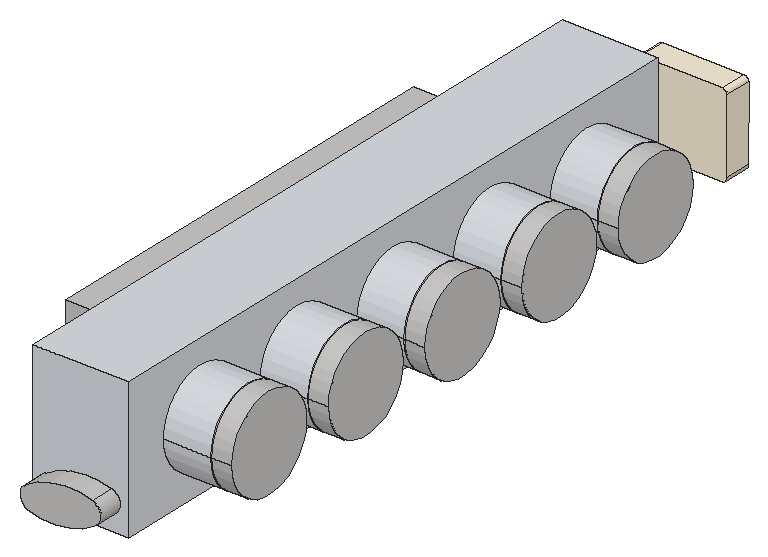
Revit family "HVAC_Ductwork_Airzone_Motorized-Plenum_Kaysun_Standard_5-Dampers", category Mechanical Equipment, Revit 2016
Family settings
  Part Type = Normal
  Round Connector Dimension = Use Diameter
  OmniClass Number = 23.75.70.14
  OmniClass Title = Air Ductwork
  Work Plane-Based = No
  Always vertical = Yes
  Cut with Voids When Loaded = No
  Shared = No
  Room Calculation Point = No
Parameters (values of type "KAYST01L5")
  Voltage = 230 V
  URL = "www.airzone.es"
  Type Image Comments = "Image available in product documentation download"  # constant formula
  Revit Model Version = "1.0"  # constant formula
  Revit Model Author URL = "www.a3d.es"
  Revit Model Author = "A3D Consulting"  # constant formula
  Product Documentation Download URL = "http://doc.airzone.es/BIM/Easyzone/Kaysun-Airzone_motorized_plenum.zip"
  Product Comments = "Refer to technical documentation for further details"  # constant formula
  Power Factor = 1
  Neck Width = 936.600 mm
  Neck Length = 95.000 mm
  Neck Height = 182.600 mm
  Material = Metal - AIRZONE - Galvanized Sheet - Semi-polished
  Main Control Board Material = Plastic - AIRZONE - Smooth - Off-white
  Load Classification = Other
  Insulated Body Width = 205.000 mm  # constant formula
  Insulated Body Material = Metal -AIRZONE - Insulating Lining -Aluminum Finish
  Insulated Body Length = 1425.000 mm  # constant formula
  Insulated Body Height = 300.000 mm  # constant formula
  Flow [instance] = Damper 5 Air Flow + Damper 4 Air Flow + Damper 3 Air Flow + Damper 2 Air Flow + Damper 1 Air Flow - Fresh Air Inlet 2 Flow - Fresh Air Inlet 1 Flow  # 1500 m³/h
  Fresh Air Inlet 1 Flow [instance] = 0 m³/h
  Fresh Air Inlet 2 Flow [instance] = 0 m³/h
  Fresh Air Inlet Connection Width = 175.000 mm
  Fresh Air Inlet Connection Height = 75.000 mm
  Model = "KAYST01L5"
  Neck Side Offset = 282.700 mm
  Neck Bottom Offset = 79.200 mm
  Type Image = <None>
  Manufacturer = "AIRZONE"  # constant formula
  Main Control Board Depth = 57.000 mm  # constant formula
  Main Control Board Width = 195.000 mm  # constant formula
  Main Control Board Height = 180.000 mm  # constant formula
  Fixing = ""
  Disclaimer = "All information provided in this model is reviewed before being published. However, Airzone cannot guarantee this model is error-free, therefore users are strongly encouraged to check for technical documentation and updates"  # constant formula
  Description = "Airzone standard motorized plenum with neck that mechanically adapts to the main ducted AC units of Kaysun."
  Type Comments = ""
  Dampers Length = 149.000 mm  # constant formula
  Dampers Diameter = 200.000 mm  # constant formula
  Damper 5 Air Flow [instance] = 300 m³/h
  Damper 4 Air Flow [instance] = 300 m³/h
  Damper 1 Air Flow [instance] = 300 m³/h
  Damper 2 Air Flow [instance] = 300 m³/h
  Damper 3 Air Flow [instance] = 300 m³/h
  Fresh Air Inlet Connection Offset Height = 48.305 mm  # constant formula
  Compatible Accesories = ""
  Apparent Load = 57.5 VA
Types (2, lengths in mm): name | Neck Width | Model | Neck Side Offset
  KAYST01L5 | 936.600 | "KAYST01L5" | 282.700
  KAYST01M5 | 716.600 | "KAYST01M5" | 392.700
Reference planes
  plane 1 "Center (Front/Back)": y = 0
  plane 2 "Center (Elevation)": z = 0
  plane 3 "Center (Left/Right)": x = 0
  plane 4 "Neck Back": y = 468.3
  plane 5 "Neck Front": y = -468.3
  plane 6 "Neck Top": z = 91.3
  plane 7 "Neck Bottom": z = -91.3
  plane 8 "Left": x = 95
  plane 9 "Bottom": z = -170.5
  plane 10 "Top": z = 129.5
  plane 11 "Front": y = -674
  plane 12 "Back": y = 751
  plane 13 "Right": x = 300
  plane 14 "Dampers Front": x = 449
  plane 15 "Dampers Center (Elevation)": z = -20.5
  plane 16 "Damper3": y = 38.5
  plane 17 "Damper2": y = 298.5
  plane 18 "Damper1": y = 558.5
  plane 19 "Middle": y = 38.5
  plane 20 "FreshAir Center (Elevation)": z = -122.195
  plane 21 "FreshAir1": y = 803.5
  plane 22 "FreshAir2": y = -726.5
  plane 23 "Dampers Lining": x = 404
  plane 24 "FreshAir Vertical Axis": x = 195.83
  plane 25 "ConnectionBox Side": x = 254
  plane 26 "Main Control Board Center (Left/Right)": x = 351.5
  plane 27 "Damper4": y = -221.5
  plane 28 "Damper5": y = -481.5
Forms (mm)
  Extrusion 1, solid, material "Metal - AIRZONE - Galvanized Sheet - Semi-polished" <- "Material"
    sketch origin (0, 0, 0) x (0, 1, 0) y (0, 0, 1)
      loop
        line (-468.3, 91.3) -> (-468.3, -91.3) -> (468.3, -91.3) -> (468.3, 91.3) -> (-468.3, 91.3)
    from 0 to 95
  Extrusion 2, solid, material "Metal -AIRZONE - Insulating Lining -Aluminum Finish" <- "Insulated Body Material"
    sketch origin (95, 0, 0) x (0, 1, 0) y (0, 0, 1)
      loop
        line (-674, 129.5) -> (-674, -170.5) -> (751, -170.5) -> (751, 129.5) -> (-674, 129.5)
    from 0 to 205
  Extrusion 3, solid, material "Metal - AIRZONE - Galvanized Sheet - Semi-polished" <- "Material"
    sketch origin (300, 0, 0) x (0, 1, 0) y (0, 0, 1)
      loop
        circle (38.5, -20.5) r 100
    from 104 to 149
  Extrusion 4, solid, material "Metal - AIRZONE - Galvanized Sheet - Semi-polished" <- "Material"
    sketch origin (300, 0, 0) x (0, 1, 0) y (0, 0, 1)
      loop
        circle (298.5, -20.5) r 100
    from 104 to 149
  Extrusion 5, solid, material "Metal - AIRZONE - Galvanized Sheet - Semi-polished" <- "Material"
    sketch origin (300, 0, 0) x (0, 1, 0) y (0, 0, 1)
      loop
        circle (558.5, -20.5) r 100
    from 104 to 149
  Extrusion 6, solid, material "Metal - AIRZONE - Galvanized Sheet - Semi-polished" <- "Material"
    sketch origin (0, -674, 0) x (0, 0, 1) y (1, 0, 0)
      loop
        arc (-89.641, 265.204) -> (-111.108, 282.105) -> (-135.812, 270.434) r 25.96
        arc (-135.812, 270.434) -> (-161.802, 200.598) -> (-154.349, 126.456) r 164.67
        arc (-154.349, 126.456) -> (-133.165, 109.589) -> (-108.494, 120.751) r 25.96
        arc (-108.494, 120.751) -> (-82.225, 190.78) -> (-89.641, 265.204) r 164.67
    from 0 to -52.5
  Extrusion 7, solid, material "Metal - AIRZONE - Galvanized Sheet - Semi-polished" <- "Material"
    sketch origin (0, 751, 0) x (0, 0, 1) y (1, 0, 0)
      loop
        arc (-89.641, 265.204) -> (-110.825, 282.071) -> (-135.496, 270.909) r 25.96
        arc (-135.496, 270.909) -> (-161.679, 201.53) -> (-154.767, 127.699) r 164.67
        arc (-154.767, 127.699) -> (-133.532, 109.637) -> (-108.178, 121.226) r 25.96
        arc (-108.178, 121.226) -> (-82.188, 191.062) -> (-89.641, 265.204) r 164.67
    from 0 to 52.5
  Extrusion 8, solid, material "Metal -AIRZONE - Insulating Lining -Aluminum Finish" <- "Insulated Body Material"
    sketch origin (300, 0, 0) x (0, 1, 0) y (0, 0, 1)
      loop
        circle (558.5, -20.5) r 100
    from 0 to 104
  Extrusion 9, solid, material "Metal -AIRZONE - Insulating Lining -Aluminum Finish" <- "Insulated Body Material"
    sketch origin (300, -260, 0) x (0, 1, 0) y (0, 0, 1)
      loop
        circle (558.5, -20.5) r 100
    from 0 to 104
  Extrusion 10, solid, material "Metal -AIRZONE - Insulating Lining -Aluminum Finish" <- "Insulated Body Material"
    sketch origin (300, -520, 0) x (0, 1, 0) y (0, 0, 1)
      loop
        circle (558.5, -20.5) r 100
    from 0 to 104
  Extrusion 11, solid, material "Metal - AIRZONE - Galvanized Sheet - Semi-polished" <- "Material"
    sketch origin (300, -190, 0) x (0, 1, 0) y (0, 0, 1)
      loop
        circle (-31.5, -20.5) r 100
    from 104 to 149
  Extrusion 12, solid, material "Metal -AIRZONE - Insulating Lining -Aluminum Finish" <- "Insulated Body Material"
    sketch origin (300, -710, 0) x (0, 1, 0) y (0, 0, 1)
      loop
        circle (488.5, -20.5) r 100
    from 0 to 104
  Extrusion 13, solid, material "Metal -AIRZONE - Insulating Lining -Aluminum Finish" <- "Insulated Body Material"
    sketch origin (300, -970, 0) x (0, 1, 0) y (0, 0, 1)
      loop
        circle (488.5, -20.5) r 100
    from 0 to 104
  Extrusion 14, solid, material "Metal - AIRZONE - Galvanized Sheet - Semi-polished" <- "Material"
    sketch origin (300, -450, 0) x (0, 1, 0) y (0, 0, 1)
      loop
        circle (-31.5, -20.5) r 100
    from 104 to 149
Lines and regions (mm)
  Masking region 1
    outline origin (0, 0, 0) x (1, 0, 0) y (0, 1, 0)
      loop
        line (95, 751) -> (95, -674) -> (300, -674) -> (300, 751) -> (95, 751)
  Masking region 2, detail levels medium+fine
    outline origin (0, 0, 0) x (1, 0, 0) y (0, 1, 0)
      loop
        line (0, 468.3) -> (0, -468.3) -> (95, -468.3) -> (95, 468.3) -> (0, 468.3)
  Masking region 3, detail levels medium+fine
    outline origin (0, 0, 0) x (1, 0, 0) y (0, 1, 0)
      loop
        line (300, 138.5) -> (300, -61.5) -> (449, -61.5) -> (449, 138.5) -> (300, 138.5)
  Masking region 4, detail levels medium+fine
    outline origin (0, 260, 0) x (1, 0, 0) y (0, 1, 0)
      loop
        line (300, 138.5) -> (300, -61.5) -> (449, -61.5) -> (449, 138.5) -> (300, 138.5)
  Masking region 5, detail levels medium+fine
    outline origin (0, 520, 0) x (1, 0, 0) y (0, 1, 0)
      loop
        line (300, 138.5) -> (300, -61.5) -> (449, -61.5) -> (449, 138.5) -> (300, 138.5)
  Masking region 6, detail levels medium+fine
    outline origin (0, 0, -122.195) x (1, 0, 0) y (0, 1, 0)
      loop
        line (108.33, 803.5) -> (108.33, 751) -> (283.33, 751) -> (283.33, 803.5) -> (108.33, 803.5)
  Masking region 7, detail levels medium+fine
    outline origin (0, 0, -122.195) x (1, 0, 0) y (0, 1, 0)
      loop
        line (108.33, -674) -> (108.33, -726.5) -> (283.33, -726.5) -> (283.33, -674) -> (108.33, -674)
  Masking region 8, detail levels medium+fine
    outline origin (0, 0, 129.5) x (0, -1, 0) y (1, 0, 0)
      loop
        line (-808, 254) -> (-751, 254) -> (-751, 449) -> (-808, 449) -> (-808, 254)
  Masking region 9, detail levels medium+fine
    outline origin (0, -190, 0) x (1, 0, 0) y (0, 1, 0)
      loop
        line (300, 68.5) -> (300, -131.5) -> (449, -131.5) -> (449, 68.5) -> (300, 68.5)
  Masking region 10, detail levels medium+fine
    outline origin (0, -450, 0) x (1, 0, 0) y (0, 1, 0)
      loop
        line (300, 68.5) -> (300, -131.5) -> (449, -131.5) -> (449, 68.5) -> (300, 68.5)
  symbolic lines, detail levels coarse
    curve 1: line (95, -674, 0) -> (300, 38.5, 0)
    curve 2: line (300, 38.5, 0) -> (95, 751, 0)
Dimensions and locks
  equal spacing: plane 4 "Neck Back", plane 1 "Center (Front/Back)", plane 5 "Neck Front"
  "Neck Width": plane 4 "Neck Back" to plane 5 "Neck Front"
  equal spacing: plane 6 "Neck Top", level, plane 7 "Neck Bottom"
  "Neck Height": plane 6 "Neck Top" to plane 7 "Neck Bottom"
  "Neck Length": plane 3 "Center (Left/Right)" to plane 8 "Left"
  "Neck Bottom Offset": plane 7 "Neck Bottom" to plane 9 "Bottom"
  "Insulated Body Height": plane 10 "Top" to plane 9 "Bottom"
  "Insulated Body Length": plane 12 "Back" to plane 11 "Front"
  "Insulated Body Width": plane 8 "Left" to plane 13 "Right"
  "Dampers Length": plane 13 "Right" to plane 14 "Dampers Front"
  equal spacing: plane 10 "Top", plane 15 "Dampers Center (Elevation)", plane 9 "Bottom"
  equal spacing: plane 12 "Back", plane 19 "Middle", plane 11 "Front"
  plane 8 "Left" to plane 13 "Right" = 205.000 mm
  "Fresh Air Inlet Connection Offset Height": plane 20 "FreshAir Center (Elevation)" to plane 9 "Bottom"
  locked: Extrusion 6 sketch curve to plane 9 "Bottom" at 56.47
  locked: plane 13 "Right" to Extrusion 6 sketch curve at 43.69
  locked: plane 13 "Right" to Extrusion 6 sketch curve at 164.65
  locked: Extrusion 6 sketch curve to plane 9 "Bottom" at 40.54
  locked: plane 13 "Right" to Extrusion 6 sketch curve at 87.91
  locked: plane 9 "Bottom" to Extrusion 6 sketch curve at 75.01
  locked: plane 13 "Right" to Extrusion 6 sketch curve at 120.43
  locked: Extrusion 6 sketch curve to plane 9 "Bottom" at 172.02
  locked: plane 13 "Right" to Extrusion 7 sketch curve at 43.69
  locked: Extrusion 7 sketch curve to plane 9 "Bottom" at 56.47
  locked: Extrusion 7 sketch curve to plane 9 "Bottom" at 40.54
  locked: plane 13 "Right" to Extrusion 7 sketch curve at 164.65
  locked: plane 13 "Right" to Extrusion 7 sketch curve at 120.43
  locked: Extrusion 7 sketch curve to plane 9 "Bottom" at 172.02
  locked: plane 9 "Bottom" to Extrusion 7 sketch curve at 75.01
  locked: plane 13 "Right" to Extrusion 7 sketch curve at 87.91
  "Neck Side Offset": plane 12 "Back" to plane 4 "Neck Back"
  locked: plane 21 "FreshAir1" to plane 12 "Back" at 52.5
  plane 11 "Front" to plane 22 "FreshAir2" = 52.500 mm
  locked: connector elem to plane 13 "Right" at 104.17
  locked: plane 20 "FreshAir Center (Elevation)" to connector elem
  locked: plane 13 "Right" to connector elem at 104.17
  locked: connector elem to plane 20 "FreshAir Center (Elevation)"
  locked: plane 23 "Dampers Lining" to plane 14 "Dampers Front" at 45
  locked: plane 24 "FreshAir Vertical Axis" to plane 13 "Right" at 104.17
  equal spacing: Masking region 3 sketch curve, plane 16 "Damper3", Masking region 3 sketch curve
  "Dampers Diameter": Masking region 3 sketch curve to Masking region 3 sketch curve
  "Dampers Diameter": Masking region 4 sketch curve to Masking region 4 sketch curve
  equal spacing: Masking region 5 sketch curve, plane 18 "Damper1", Masking region 5 sketch curve
  "Dampers Diameter": Masking region 5 sketch curve to Masking region 5 sketch curve
  equal spacing: Masking region 6 sketch curve, plane 24 "FreshAir Vertical Axis", Masking region 6 sketch curve
  "Fresh Air Inlet Connection Width": Masking region 6 sketch curve to Masking region 6 sketch curve
  equal spacing: Masking region 7 sketch curve, plane 24 "FreshAir Vertical Axis", Masking region 7 sketch curve
  "Fresh Air Inlet Connection Width": Masking region 7 sketch curve to Masking region 7 sketch curve
  "Main Control Board Depth": Masking region 8 sketch curve to plane 12 "Back"
  "Main Control Board Width": plane 25 "ConnectionBox Side" to plane 14 "Dampers Front"
  equal spacing: plane 25 "ConnectionBox Side", plane 26 "Main Control Board Center (Left/Right)", plane 14 "Dampers Front"
  locked: nested 1 to plane 10 "Top" at 10
  equal spacing: Masking region 4 sketch curve, plane 17 "Damper2", Masking region 4 sketch curve
  equal spacing: Masking region 9 sketch curve, plane 27 "Damper4", Masking region 9 sketch curve
  "Dampers Diameter": Masking region 9 sketch curve to Masking region 9 sketch curve
  plane 18 "Damper1" to plane 17 "Damper2" to plane 16 "Damper3" to plane 27 "Damper4" to plane 28 "Damper5" = 260.000 mm locked, 260.000 mm locked, 260.000 mm locked, 260.000 mm locked
  locked: plane 19 "Middle" to plane 16 "Damper3"
  equal spacing: Masking region 10 sketch curve, plane 28 "Damper5", Masking region 10 sketch curve
  "Dampers Diameter": Masking region 10 sketch curve to Masking region 10 sketch curve
  "Dampers Diameter": diameter of Extrusion 3 sketch curve
  "Dampers Diameter": diameter of Extrusion 4 sketch curve
  "Dampers Diameter": diameter of Extrusion 5 sketch curve
  radius of Extrusion 7 sketch curve = 164.670 mm  (x2)
  radius of Extrusion 7 sketch curve = 25.960 mm  (x2)
  radius of Extrusion 6 sketch curve = 164.670 mm  (x2)
  radius of Extrusion 6 sketch curve = 25.960 mm  (x2)
  "Dampers Diameter": diameter of Extrusion 8 sketch curve
  "Dampers Diameter": diameter of Extrusion 9 sketch curve
  "Dampers Diameter": diameter of Extrusion 10 sketch curve
  "Dampers Diameter": diameter of Extrusion 11 sketch curve
  "Dampers Diameter": diameter of Extrusion 12 sketch curve
  "Dampers Diameter": diameter of Extrusion 13 sketch curve
  "Dampers Diameter": diameter of Extrusion 14 sketch curve
  aligned and locked: level to plane 2 "Center (Elevation)"
  aligned and locked: plane 5 "Neck Front" to Extrusion 1 sketch curve
  aligned and locked: Extrusion 1 sketch curve to plane 6 "Neck Top"
  aligned and locked: Extrusion 1 sketch curve to plane 4 "Neck Back"
  aligned and locked: plane 7 "Neck Bottom" to Extrusion 1 sketch curve
  aligned and locked: Extrusion 1 to plane 3 "Center (Left/Right)"
  aligned and locked: Extrusion 2 sketch curve to plane 10 "Top"
  aligned and locked: Extrusion 2 sketch curve to plane 12 "Back"
  aligned and locked: plane 9 "Bottom" to Extrusion 2 sketch curve
  aligned and locked: plane 11 "Front" to Extrusion 2 sketch curve
  aligned and locked: plane 13 "Right" to Extrusion 2
  aligned and locked: Extrusion 2 to plane 8 "Left"
  aligned and locked: plane 16 "Damper3" to Extrusion 3 sketch curve
  aligned and locked: plane 15 "Dampers Center (Elevation)" to Extrusion 3 sketch curve
  aligned and locked: plane 15 "Dampers Center (Elevation)" to Extrusion 4 sketch curve
  aligned and locked: plane 18 "Damper1" to Extrusion 5 sketch curve
  aligned and locked: plane 15 "Dampers Center (Elevation)" to Extrusion 5 sketch curve
  aligned and locked: plane 14 "Dampers Front" to Extrusion 5
  aligned and locked: plane 14 "Dampers Front" to Extrusion 4
  aligned and locked: plane 14 "Dampers Front" to Extrusion 3
  aligned and locked: plane 8 "Left" to Extrusion 1
  aligned and locked: plane 22 "FreshAir2" to Extrusion 6
  aligned and locked: plane 21 "FreshAir1" to Extrusion 7
  aligned and locked: Extrusion 7 to plane 12 "Back"
  aligned and locked: plane 11 "Front" to Extrusion 6
  aligned and locked: Extrusion 5 to plane 23 "Dampers Lining"
  aligned and locked: Extrusion 5 to Extrusion 4
  aligned and locked: Extrusion 4 to Extrusion 3
  aligned and locked: plane 23 "Dampers Lining" to Extrusion 8
  aligned and locked: Extrusion 10 to plane 13 "Right"
  aligned and locked: plane 23 "Dampers Lining" to Extrusion 10
  aligned and locked: Extrusion 9 to plane 13 "Right"
  aligned and locked: plane 23 "Dampers Lining" to Extrusion 9
  aligned and locked: Extrusion 8 to plane 13 "Right"
  aligned and locked: Extrusion 9 to Extrusion 8
  aligned and locked: plane 18 "Damper1" to Extrusion 8 sketch curve
  aligned and locked: plane 15 "Dampers Center (Elevation)" to Extrusion 8 sketch curve
  aligned and locked: plane 15 "Dampers Center (Elevation)" to Extrusion 9 sketch curve
  aligned and locked: plane 16 "Damper3" to Extrusion 10 sketch curve
  aligned and locked: plane 15 "Dampers Center (Elevation)" to Extrusion 10 sketch curve
  aligned and locked: Masking region 1 sketch curve to plane 12 "Back"
  aligned and locked: plane 8 "Left" to Masking region 1 sketch curve
  aligned and locked: Masking region 1 sketch curve to plane 13 "Right"
  aligned and locked: plane 11 "Front" to Masking region 1 sketch curve
  aligned and locked: plane 5 "Neck Front" to Masking region 2 sketch curve
  aligned and locked: plane 3 "Center (Left/Right)" to Masking region 2 sketch curve
  aligned and locked: Masking region 2 sketch curve to plane 4 "Neck Back"
  aligned and locked: Masking region 2 sketch curve to plane 8 "Left"
  aligned and locked: plane 13 "Right" to Masking region 3 sketch curve
  aligned and locked: Masking region 3 sketch curve to plane 14 "Dampers Front"
  aligned and locked: plane 13 "Right" to Masking region 4 sketch curve
  aligned and locked: Masking region 4 sketch curve to plane 14 "Dampers Front"
  aligned and locked: plane 13 "Right" to Masking region 5 sketch curve
  aligned and locked: Masking region 5 sketch curve to plane 14 "Dampers Front"
  aligned and locked: plane 12 "Back" to Masking region 6 sketch curve
  aligned and locked: Masking region 6 sketch curve to plane 21 "FreshAir1"
  aligned and locked: Masking region 7 sketch curve to plane 11 "Front"
  aligned and locked: Masking region 7 sketch curve to plane 22 "FreshAir2"
  aligned and locked: plane 12 "Back" to Masking region 8 sketch curve
  aligned and locked: Masking region 8 sketch curve to plane 14 "Dampers Front"
  aligned and locked: plane 25 "ConnectionBox Side" to Masking region 8 sketch curve
  aligned and locked: plane 17 "Damper2" to Extrusion 9 sketch curve
  aligned and locked: plane 17 "Damper2" to Extrusion 4 sketch curve
  aligned and locked: Masking region 9 sketch curve to plane 14 "Dampers Front"
  aligned and locked: plane 13 "Right" to Masking region 9 sketch curve
  aligned and locked: Extrusion 12 to plane 13 "Right"
  aligned and locked: plane 23 "Dampers Lining" to Extrusion 12
  aligned and locked: Extrusion 11 to plane 23 "Dampers Lining"
  aligned and locked: plane 14 "Dampers Front" to Extrusion 11
  aligned and locked: plane 15 "Dampers Center (Elevation)" to Extrusion 12 sketch curve
  aligned and locked: plane 27 "Damper4" to Extrusion 12 sketch curve
  aligned and locked: plane 15 "Dampers Center (Elevation)" to Extrusion 11 sketch curve
  aligned and locked: plane 27 "Damper4" to Extrusion 11 sketch curve
  aligned and locked: Masking region 10 sketch curve to plane 14 "Dampers Front"
  aligned and locked: plane 13 "Right" to Masking region 10 sketch curve
  aligned and locked: plane 28 "Damper5" to Extrusion 13 sketch curve
  aligned and locked: plane 15 "Dampers Center (Elevation)" to Extrusion 13 sketch curve
  aligned and locked: Extrusion 14 to plane 23 "Dampers Lining"
  aligned and locked: plane 14 "Dampers Front" to Extrusion 14
  aligned and locked: plane 15 "Dampers Center (Elevation)" to Extrusion 14 sketch curve
  aligned and locked: plane 28 "Damper5" to Extrusion 14 sketch curve
  aligned and locked: nested 1 to plane 26 "Main Control Board Center (Left/Right)"
Automatic sketch dimensions
  curve 2 to plane 8 "Left" = 0.000 mm
  curve 1 to plane 8 "Left" = 0.000 mm
  curve 2 to plane 13 "Right" = 0.000 mm
  curve 1 to plane 11 "Front" = 0.000 mm
  curve 2 to plane 16 "Damper3" = 0.000 mm
  curve 2 to plane 12 "Back" = 0.000 mm
Nested families
  nested 1: "Airzone_Main-Control-Board" at (351.5, 751, 29.5) x (-1, 0, 0) z (0, 1, 0), Extrusion <- "Main Control Board Depth", Height <- "Main Control Board Height", Width <- "Main Control Board Width", Material <- "Main Control Board Material", type "Standard"
    with Width 195.000 mm, Material Plastic - AIRZONE - Smooth - Off-white, Height 180.000 mm, Extrusion 57.000 mm
Connectors
  hvac at (449, 38.5, -20.5), driven by "Damper 3 Air Flow", driven by "Dampers Diameter"
    settings: on Extrusion 3, index 1, duct flow 300 m³/h, flow factor 0, pres drop 0.0 Pa, loss coef 0, conn angle 0.00°, conn width 304.8 mm, conn height 304.8 mm, conn diameter 200 mm, duct sys type 1, conn prof type 0, flow config 0, flow direction 2, loss method 0, conn ref index -1, conn util no, is conn primary no, conn desc "Supply Air Out 3"
  hvac at (449, 298.5, -20.5), driven by "Damper 2 Air Flow", driven by "Dampers Diameter"
    settings: on Extrusion 4, index 2, duct flow 300 m³/h, flow factor 0, pres drop 0.0 Pa, loss coef 0, conn angle 0.00°, conn width 304.8 mm, conn height 304.8 mm, conn diameter 200 mm, duct sys type 1, conn prof type 0, flow config 0, flow direction 2, loss method 0, conn ref index -1, conn util no, is conn primary no, conn desc "Supply Air Out 2"
  hvac at (449, 558.5, -20.5), driven by "Damper 1 Air Flow", driven by "Dampers Diameter"
    settings: on Extrusion 5, index 3, duct flow 300 m³/h, flow factor 0, pres drop 0.0 Pa, loss coef 0, conn angle 0.00°, conn width 304.8 mm, conn height 304.8 mm, conn diameter 200 mm, duct sys type 1, conn prof type 0, flow config 0, flow direction 2, loss method 0, conn ref index -1, conn util no, is conn primary no, conn desc "Supply Air Out 1"
  hvac at (0, 0, 0), driven by "Flow", driven by "Neck Height", driven by "Neck Width"
    settings: on Extrusion 1, index 6, duct flow 1500 m³/h, flow factor 0, pres drop 0.0 Pa, loss coef 0, conn angle 0.00°, conn width 936.6 mm, conn height 182.6 mm, conn diameter 609.6 mm, duct sys type 1, conn prof type 1, flow config 1, flow direction 1, loss method 0, conn ref index -1, conn util no, is conn primary yes, conn desc "Supply Air In"
  hvac at (195.83, -726.5, -122.195), driven by "Fresh Air Inlet 2 Flow", driven by "Fresh Air Inlet Connection Width", driven by "Fresh Air Inlet Connection Height"
    settings: index 7, duct flow 0 m³/h, flow factor 0, pres drop 0.0 Pa, loss coef 0, conn angle 0.00°, conn width 175 mm, conn height 75 mm, conn diameter 609.6 mm, duct sys type 1, conn prof type 2, flow config 1, flow direction 1, loss method 0, conn ref index -1, conn util no, is conn primary no, conn desc "Fresh Air In 2"
  hvac at (195.83, 803.5, -122.195), driven by "Fresh Air Inlet 1 Flow", driven by "Fresh Air Inlet Connection Height", driven by "Fresh Air Inlet Connection Width"
    settings: index 8, duct flow 0 m³/h, flow factor 0, pres drop 0.0 Pa, loss coef 0, conn angle 0.00°, conn width 175 mm, conn height 75 mm, conn diameter 609.6 mm, duct sys type 1, conn prof type 2, flow config 1, flow direction 1, loss method 0, conn ref index -1, conn util no, is conn primary no, conn desc "Fresh Air In 1"
  hvac at (449, -221.5, -20.5), driven by "Damper 4 Air Flow", driven by "Dampers Diameter"
    settings: on Extrusion 11, index 9, duct flow 300 m³/h, flow factor 0, pres drop 0.0 Pa, loss coef 0, conn angle 0.00°, conn width 304.8 mm, conn height 304.8 mm, conn diameter 200 mm, duct sys type 1, conn prof type 0, flow config 0, flow direction 2, loss method 0, conn ref index -1, conn util no, is conn primary no, conn desc "Supply Air Out 4"
  hvac at (449, -481.5, -20.5), driven by "Damper 5 Air Flow", driven by "Dampers Diameter"
    settings: on Extrusion 14, index 10, duct flow 300 m³/h, flow factor 0, pres drop 0.0 Pa, loss coef 0, conn angle 0.00°, conn width 304.8 mm, conn height 304.8 mm, conn diameter 200 mm, duct sys type 1, conn prof type 0, flow config 0, flow direction 2, loss method 0, conn ref index -1, conn util no, is conn primary no, conn desc "Supply Air Out 5"
  electrical at (351.5, 808, 29.5), driven by "Load Classification", driven by "Voltage", driven by "Apparent Load", driven by "Power Factor"
    settings: on nested 1, index 11, voltage 230 V, apparent load 57.5 VA, apparent load phase1 0 VA, apparent load phase2 0 VA, apparent load phase3 0 VA, power factor 1, load classification "Other", number of poles 1, system type 30, power factor state 1, is connector primary yes, connector utility no, sub classification motor no, connector description "Power Supply"
Definition of nested family "Airzone_Main-Control-Board"
  Parameters (values of type "Standard")
    Width [instance] = 195.000 mm
    URL = "www.airzone.es"
    Revit Model Version = "1.0"  # constant formula
    Revit Model Author URL = "www.a3d.es"
    Revit Model Author = "A3D Consulting"  # constant formula
    Material [instance] = none
    Manufacturer = "AIRZONE"  # constant formula
    Height [instance] = 180.000 mm
    Extrusion [instance] = 57.000 mm
    Default Elevation = 0.000 mm
  Reference planes
    plane 1 "Center (Front/Back)": y = 0
    plane 2: z = 0
    plane 3 "Center (Left/Right)": x = 0
    plane 4: y = 90
    plane 5: y = -90
    plane 6: x = 97.5
    plane 7: x = -97.5
  Forms (mm)
    Extrusion 1, solid, material <- "Material"
      sketch origin (0, 0, 0) x (1, 0, 0) y (0, 1, 0)
        loop
          arc (-87.5, 90) -> (-94.571, 87.071) -> (-97.5, 80) r 10
          line (-97.5, 80) -> (-97.5, -80)
          arc (-97.5, -80) -> (-94.571, -87.071) -> (-87.5, -90) r 10
          line (-87.5, -90) -> (87.5, -90)
          arc (87.5, -90) -> (94.571, -87.071) -> (97.5, -80) r 10
          line (97.5, -80) -> (97.5, 80)
          arc (97.5, 80) -> (94.571, 87.071) -> (87.5, 90) r 10
          line (87.5, 90) -> (-87.5, 90)
      from 0 to 57 <- "Extrusion"
  Dimensions and locks
    equal spacing: plane 7, plane 3 "Center (Left/Right)", plane 6
    equal spacing: plane 4, plane 1 "Center (Front/Back)", plane 5
    "Width": plane 7 to plane 6
    "Height": plane 4 to plane 5
    radius of Extrusion 1 sketch curve = 10.000 mm  (x4)
    aligned and locked: level to plane 2
    aligned and locked: plane 5 to Extrusion 1 sketch curve
    aligned and locked: Extrusion 1 sketch curve to plane 6
    aligned and locked: Extrusion 1 sketch curve to plane 4
    aligned and locked: plane 7 to Extrusion 1 sketch curve
